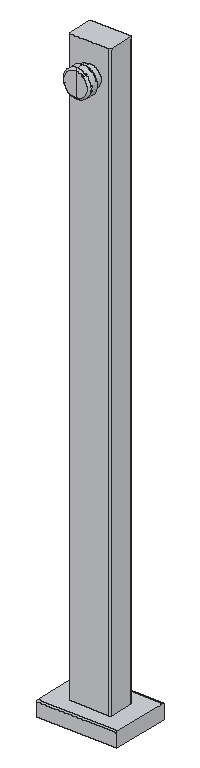
Revit family "Shower-Showerarm-KOHLER-BEITOU-K-22307T", category Plumbing Fixtures, host Face, Revit 2017
Family settings
  Host = Face
  Round Connector Dimension = Use Diameter
  Part Type = Normal
  OmniClass Number = 23.31.25.00
  OmniClass Title = Toilet and Bath Specialties
  Cut with Voids When Loaded = No
  Shared = No
  Room Calculation Point = No
Parameters (values of type "CP-Polished Chrome")
  Width = 2 93/256"  # constant formula
  WaterSense Certified = 1 = 0  # no
  Waste Water Outlet = "Waste Water Outlet"  # constant formula
  Waste Connection = 1 = 0  # no
  Vent Connection = 1 = 0  # no
  URL = "http://www.kohler.com.cn/"
  Type = 1
  Tempered Water Inlet = "Tempered Water Inlet"  # constant formula
  Product Page URL = "https://www.kohler.com.cn/product/K-22307T-CP/K-22307T-CP/"
  Product Name = "BEITOU"  # constant formula
  Product Documentation Link = "https://files.kohler.com.cn/pdfs/1567066884817_22307T%20%E5%AE%89%E8%A3%85%E8%AF%B4%E6%98%8E%E4%B9%A6.pdf"
  Pressure = 0.00 psi
  Model = "K-22307T-CP"  # constant formula
  Material = "Premium Metal Construction"  # constant formula
  Master Format 2014 Name = "Residential Showers"  # constant formula
  Master Format 2014 = "22 42 23"  # constant formula
  Manufacturer Address = "Kohler Beijing Office (100016) 36-2-03-B, No. 88, Liuxiang Road, Beijing"  # constant formula
  Manufacturer = "KOHLER Co."  # constant formula
  Length = 18 27/128"  # constant formula
  Hot Water Inlet = "Hot Water Inlet"  # constant formula
  Height = 1.73228"  # constant formula
  HW Connection = 1 = 1  # yes
  Flow Rate = 0 GPM
  Finish = Kohler-Metal-CP-Polished_Chrome
  Environmental Product Declaration = ""
  Drain Included = 1 = 0  # no
  Description = "Wall mount shower arm"  # constant formula
  Default Elevation = 72"
  Declare Label = ""
  Date Modified = "09/20/2020"  # constant formula
  Date Created = "09/20/2020"  # constant formula
  Copyright = "Copyright KOHLER Co."  # constant formula
  Contact Us = "http://www.kohler.com.cn/contact/contact-us/"
  Cold Water Inlet = "Cold Water Inlet"  # constant formula
  CW Connection = 1 = 0  # no
  Assembly Code = "D2010700"
  ADA Compliant = 1 = 0  # no
Reference planes (in)
  plane 1 "Center (Front/Back)": y = 0
  plane 2: z = 0
  plane 3 "Center (Left/Right)": x = 0
  plane 4: y = 0.86614
  plane 5: y = -0.86614
  plane 6: x = -1.1811
  plane 7: x = 1.1811
  plane 8: y = 0.86614
  plane 9: x = -1.18218
  plane 10: y = -0.86614
  plane 11: y = -0.86614
  plane 12: z = 18.21094
  plane 13: z = 17.28516
  plane 14: z = 0.45186
Dimensions and locks (in)
  "Width": plane 9 to plane 7
  "Length": plane 12 to plane 2
  "Height": plane 8 to plane 10
  aligned and locked: plane 2 to host face
  aligned and locked: level to host face
Automatic sketch dimensions
  host sketch curve to host sketch curve = 96"  (x2)
Nested families (in)
  nested 1: "K-22307T" at (0, 0, 0), type "K-22307T"
Connectors (in)
  piping at (0, 0, 0), diameter 0.5, driven by "HW Connection", driven by "Tempered Water Inlet"
    settings: on nested 1, index 1, connector inside diameter 24", connector length 0", flow factor 0, pipe flow 0 GPM, pressure drop 0.00 psi, fitting loss kfactor 0, connector angle 0.00°, fixture units 0, engagement length 0", angle of deflection 0.00°, flow configuration 0, flow direction 1, fitting loss method 0, system type 19, joint type 0, gender type 0, connector reference index -1, connector utility 1, adjustable connector no, is connector primary yes, connector description "Tempered Water Inlet"
Definition of nested family "K-22307T"
  Parameters (values of type "K-22307T")
    Material = none
  Reference planes (in)
    plane 1 "Center (Front/Back)": y = 0
    plane 2: z = 0
    plane 3 "Center (Left/Right)": x = 0
    plane 4: z = 18.20928
    plane 5: x = 1.1811
    plane 6: x = -1.1811
    plane 7: y = 0.86614
    plane 8: y = -0.86614
    plane 9: z = 17.28346
  Forms (in)
    Extrusion 1, solid, material <- "Material", detail levels medium+fine
      sketch origin (0, -0.86614, 0) x (0, 0, -1) y (0, 1, 0)
        loop
          line (0, 1.73228) -> (-0.41496, 1.73228)
          arc (-0.41496, 1.73228) -> (-0.44105, 1.72148) -> (-0.45186, 1.69538) r 0.0369
          line (-0.45186, 1.69538) -> (-0.45186, 0.03652)
          arc (-0.45186, 0.03652) -> (-0.44116, 0.0107) -> (-0.41534, 0) r 0.03652
          line (-0.41534, 0) -> (0, 0) -> (0, 1.73228)
      from -1.1811 to 1.1811
    Extrusion 2, solid, material <- "Material", detail levels medium+fine
      sketch origin (0, -0.86614, 0) x (1, 0, 0) y (0, 1, 0)
        loop
          arc (-0.58214, 1.26684) -> (-0.6097, 1.25543) -> (-0.62111, 1.22787) r 0.03897
          line (-0.62111, 1.22787) -> (-0.62111, 0.51174)
          arc (-0.62111, 0.51174) -> (-0.60952, 0.48376) -> (-0.58155, 0.47217) r 0.03956
          line (-0.58155, 0.47217) -> (0.58171, 0.47217)
          arc (0.58171, 0.47217) -> (0.60957, 0.48371) -> (0.62111, 0.51158) r 0.0394
          line (0.62111, 0.51158) -> (0.62111, 1.22767)
          arc (0.62111, 1.22767) -> (0.60964, 1.25537) -> (0.58195, 1.26684) r 0.03917
          line (0.58195, 1.26684) -> (-0.58214, 1.26684)
      from 0.45276 to 18.20866
    Revolve 3, solid, material <- "Material", detail levels medium+fine
      sketch origin (0, -0.86614, 0) x (0, 0, -1) y (0, 1, 0)
        loop
          line (-17.28346, -0.03937) -> (-17.28346, 0.47244) -> (-17.61804, 0.47244) -> (-17.61804, 0.27559) -> (-17.64736, 0.26606) -> (-17.69687, 0.21655) -> (-17.69687, 0.0197) -> (-17.6378, -0.03937) -> (-17.28346, -0.03937)
        axis (-17.28346, 0.47244) -> (-17.28346, -0.03937)
      angle from 0 to 360
    Extrusion 4, solid, material <- "Material", detail levels medium+fine
      sketch origin (-1.1811, 46.37795, 0.22593) x (0, 1, 0) y (1, 0, 0)
        loop
          circle (-46.37795, 1.1811) r 0.14143
      from 0.04147 to 0.22593
    Extrusion 5, solid, material <- "Material", detail levels coarse
      sketch origin (0, -0.86614, 0) x (0, 0, -1) y (0, 1, 0)
        loop
          line (0.08391, 1.85637) -> (-0.50664, 1.85637) -> (-0.50664, -0.11213) -> (0.08391, -0.11213) -> (0.08391, 1.85637)
      from -1.32708 to 1.55365
    Extrusion 6, solid, material <- "Material", detail levels coarse
      sketch origin (0, -0.86614, 0) x (0, 0, -1) y (0, 1, 0)
        loop
          line (-0.50664, 1.37398) -> (-18.30617, 1.37398) -> (-18.30617, 0.38973) -> (-0.50664, 0.38973) -> (-0.50664, 1.37398)
      from -0.81286 to 1.01236
    Revolve 7, solid, material <- "Material", detail levels coarse
      sketch origin (0, -0.86614, 0) x (0, 0, -1) y (0, 1, 0)
        loop
          line (-17.28346, -0.09225) -> (-17.28346, 0.38973) -> (-17.75178, 0.38973) -> (-17.75178, -0.09225) -> (-17.28346, -0.09225)
        axis (-17.28346, 0.38973) -> (-17.28346, -0.09225)
      angle from 0 to 360
  Lines and regions (in)
    Masking region 1
      outline origin (0, -0.86614, 0) x (0, 0, -1) y (0, 1, 0)
        loop
          line (0, 0) -> (0, 1.73228) -> (-0.41573, 1.73228)
          arc (-0.41573, 1.73228) -> (-0.44182, 1.72148) -> (-0.45263, 1.69538) r 0.0369
          line (-0.45263, 1.69538) -> (-0.45263, 1.26708) -> (-18.20851, 1.26708) -> (-18.20851, 0.47257) -> (-17.61796, 0.47257) -> (-17.61796, 0.27572) -> (-17.64736, 0.26606) -> (-17.69687, 0.21655) -> (-17.69687, 0.0197) -> (-17.6378, -0.03937) -> (-17.28346, -0.03937) -> (-16.92913, -0.03937) -> (-16.87006, 0.0197) -> (-16.87006, 0.21655) -> (-16.91957, 0.26606) -> (-16.94897, 0.27572) -> (-16.94897, 0.47217) -> (-0.45263, 0.47217) -> (-0.45263, 0.03652)
          arc (-0.45263, 0.03652) -> (-0.44193, 0.0107) -> (-0.41611, 0) r 0.03652
          line (-0.41611, 0) -> (0, 0)
    Masking region 2
      outline origin (-1.1811, -0.22593, 47.24409) x (-1, 0, 0) y (0, 0, 1)
        loop
          line (-2.3622, -46.79223) -> (-2.3622, -47.24409) -> (0, -47.24409) -> (0, -46.79223) -> (-0.55991, -46.79223) -> (-0.55991, -29.03523) -> (-1.1811, -29.03523) -> (-1.8023, -29.03523) -> (-1.8023, -46.79223) -> (-2.3622, -46.79223)
    Masking region 3
      outline origin (0, 0, 0) x (1, 0, 0) y (0, 1, 0)
        loop
          line (1.1811, 0.86614) -> (-1.1811, 0.86614) -> (-1.1811, -0.86614) -> (-0.3937, -0.86614) -> (-0.35433, -0.90551) -> (0.35433, -0.90551) -> (0.3937, -0.86614) -> (1.1811, -0.86614) -> (1.1811, 0.86614)
    symbolic lines, detail levels medium+fine
      curve 1: line (0, 0.4007, 0.45263) -> (0, -0.39397, 0.45263)
      curve 2: line (0, -0.3937, 17.61804) -> (0, -0.3937, 16.94889)
      curve 3: line (0, -0.60008, 16.91957) -> (0, -0.60008, 17.64736)
      curve 4: line (0, -0.84644, 16.87006) -> (0, -0.84644, 17.69687)
      curve 5: line (-1.1811, 0, 0) -> (1.1811, 0, 0)
      curve 6: line (0.58195, 0.4007, 0) -> (-0.58214, 0.4007, 0)
      curve 7: arc (-0.58214, 0.4007, 0) -> (-0.6097, 0.38928, 0) -> (-0.62111, 0.36173, 0) r 0.03897
      curve 8: line (-0.62111, 0.36173, 0) -> (-0.62111, -0.3544, 0)
      curve 9: arc (-0.62111, -0.3544, 0) -> (-0.60952, -0.38238, 0) -> (-0.58155, -0.39397, 0) r 0.03956
      curve 10: line (-0.58155, -0.39397, 0) -> (0.58171, -0.39397, 0)
      curve 11: arc (0.58171, -0.39397, 0) -> (0.60957, -0.38243, 0) -> (0.62111, -0.35457, 0) r 0.0394
      curve 12: line (0.62111, -0.35457, 0) -> (0.62111, 0.36153, 0)
      curve 13: arc (0.62111, 0.36153, 0) -> (0.60964, 0.38923, 0) -> (0.58195, 0.4007, 0) r 0.03917
      curve 14: line (-0.33434, -0.39397, 0) -> (-0.33434, -0.59055, 0)
      curve 15: line (-0.33434, -0.59055, 0) -> (-0.36406, -0.60021, 0)
      curve 16: line (-0.36406, -0.60021, 0) -> (-0.41342, -0.64957, 0)
      curve 17: line (-0.41342, -0.64957, 0) -> (-0.41342, -0.84642, 0)
      curve 18: line (-0.41342, -0.84642, 0) -> (-0.35432, -0.90551, 0)
      curve 19: line (0.33434, -0.39397, 0) -> (0.33434, -0.59055, 0)
      curve 20: line (0.33434, -0.59055, 0) -> (0.36406, -0.60021, 0)
      curve 21: line (0.36406, -0.60021, 0) -> (0.41342, -0.64957, 0)
      curve 22: line (0.41342, -0.64957, 0) -> (0.41342, -0.84642, 0)
      curve 23: line (0.41342, -0.84642, 0) -> (0.35432, -0.90551, 0)
      curve 24: line (-0.39369, -0.86614, 0) -> (0.39369, -0.86614, 0)
      curve 25: line (0.41342, -0.84642, 0) -> (-0.41342, -0.84642, 0)
      curve 26: line (-0.41342, -0.64957, 0) -> (0.41342, -0.64957, 0)
      curve 27: line (0.36406, -0.60021, 0) -> (-0.36406, -0.60021, 0)
      curve 28: line (-0.33434, -0.59055, 0) -> (0.33434, -0.59055, 0)
      curve 29: line (0.6212, -0.22593, 0.45186) -> (-0.62095, -0.22593, 0.45186)
  Dimensions and locks (in)
    aligned and locked: level to plane 2
